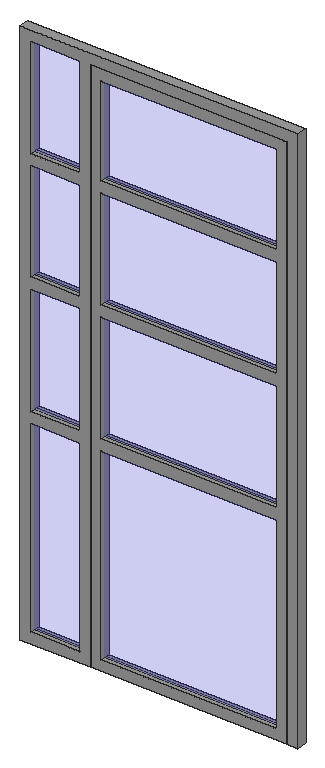
Revit family "DAL_A3-Aluminium-door-Single-with-sidelight", category Doors, host Wall, Revit 2016
Family settings
  Host = Wall
  Always vertical = Yes
  Cut with Voids When Loaded = No
  Shared = No
  Room Calculation Point = No
Parameters (values of type "Aluminium door - Single with sidelight")
  Function = Interior
  Frame Projection Ext. = 25 mm
  Frame Projection Int. = 25 mm
  Frame Width = 75 mm
  Height = 2380 mm
  Wall Closure = By host
  Width = 1200 mm
  Assembly Code = ""
Reference planes
  plane 1: y = 0
  plane 2 "Center (Left/Right)": x = 0
  plane 3 "Left": x = -600
  plane 4 "Right": x = 600
  plane 5: z = 2380
  plane 6 "Exterior": y = 75
  plane 7 "Interior": y = -75
  plane 8 "Glass ref": y = 5
  plane 9 "Frame ref": y = 22.5
Forms (mm)
  Extrusion 1, solid, material "Default"
    sketch origin (0, 22.5, 0) x (-1, 0, 0) y (0, 0, 1)
      loop
        line (-600, 2380) -> (-600, 0) -> (-555, 0) -> (-555, 2335) -> (295, 2335) -> (295, 0) -> (600, 0) -> (600, 2380) -> (-600, 2380)
      loop
        line (555, 2335) -> (340, 2335) -> (340, 1900) -> (555, 1900) -> (555, 2335)
      loop
        line (340, 45) -> (555, 45) -> (555, 855) -> (340, 855) -> (340, 45)
      loop
        line (340, 1855) -> (340, 1420) -> (555, 1420) -> (555, 1855) -> (340, 1855)
      loop
        line (340, 900) -> (555, 900) -> (555, 1375) -> (340, 1375) -> (340, 900)
    from 0 to -45
  Extrusion 2, solid, material "Default"
    sketch origin (0, 22.5, 0) x (-1, 0, 0) y (0, 0, 1)
      loop
        line (-555, 2335) -> (-555, 0) -> (295, 0) -> (295, 2335) -> (-555, 2335)
      loop
        line (-510, 2290) -> (-510, 1900) -> (250, 1900) -> (250, 2290) -> (-510, 2290)
      loop
        line (-510, 45) -> (250, 45) -> (250, 855) -> (-510, 855) -> (-510, 45)
      loop
        line (250, 1855) -> (-510, 1855) -> (-510, 1420) -> (250, 1420) -> (250, 1855)
      loop
        line (250, 1375) -> (-510, 1375) -> (-510, 900) -> (250, 900) -> (250, 1375)
    from 0 to -45
  Extrusion 3, solid, material "Glass"
    sketch origin (0, 5, 0) x (-1, 0, 0) y (0, 0, 1)
      loop
        line (-510, 2290) -> (-510, 1900) -> (250, 1900) -> (250, 2290) -> (-510, 2290)
      loop
        line (-510, 1855) -> (-510, 1420) -> (250, 1420) -> (250, 1855) -> (-510, 1855)
      loop
        line (-510, 1375) -> (-510, 900) -> (250, 900) -> (250, 1375) -> (-510, 1375)
      loop
        line (-510, 855) -> (-510, 45) -> (250, 45) -> (250, 855) -> (-510, 855)
    from 0 to -10
  Extrusion 4, solid, material "Glass"
    sketch origin (0, 5, 0) x (-1, 0, 0) y (0, 0, 1)
      loop
        line (340, 2335) -> (340, 1900) -> (555, 1900) -> (555, 2335) -> (340, 2335)
      loop
        line (340, 1855) -> (340, 1420) -> (555, 1420) -> (555, 1855) -> (340, 1855)
      loop
        line (340, 1375) -> (340, 900) -> (555, 900) -> (555, 1375) -> (340, 1375)
      loop
        line (340, 855) -> (340, 45) -> (555, 45) -> (555, 855) -> (340, 855)
    from 0 to -10
Lines and regions (mm)
  Opening 1
    outline origin (-3050, -75, 0) x (1, 0, 0) y (0, 0, 1)
      loop
        line (2450, 0) -> (3650, 0) -> (3650, 2380) -> (2450, 2380) -> (2450, 0)
  symbolic lines, style "Elevation Swing"
    curve 1: line (555, 5, 2335) -> (-295, 5, 1167.5)
    curve 2: line (-295, 5, 1167.5) -> (555, 5, 0)
  symbolic lines, style "Plan Swing"
    curve 3: line (555, 22.5, 0) -> (510, 22.5, 0)
    curve 4: line (555, 871.308, 0) -> (555, 22.5, 0)
    curve 5: line (510, 871.308, 0) -> (555, 871.308, 0)
    curve 6: line (510, 22.5, 0) -> (510, 871.308, 0)
    curve 7: arc (-295, 22.5, 0) -> (-61.745, 607.415, 0) -> (510, 871.308, 0) r 850
Text (mm)
  text "Exterior" at (-2295.016, 1099.543, 0), in view "Ref. Level"
  text "Exterior" at (0, 1615.38, 3698.081), in view "Left"
  text "Exterior" at (0, 1036.032, 3874.932), in view "Right"
Dimensions and locks
  equal spacing: plane 3 "Left", plane 2 "Center (Left/Right)", plane 4 "Right"
  "Width": plane 3 "Left" to plane 4 "Right"
  "Height": plane 5 to host wall
  host wall to plane 5 = 2380 mm  (x2)
  locked: plane 6 "Exterior" to host wall at 0
  locked: plane 7 "Interior" to host wall
  aligned and locked: plane 3 "Left" to Opening 1 sketch curve
  aligned and locked: plane 5 to Opening 1 sketch curve  (x2)
  aligned and locked: Opening 1 sketch curve to plane 4 "Right"
  aligned and locked: Opening 1 sketch curve to level
  aligned and locked: plane 1 to host wall
  aligned and locked: host wall to Extrusion 1 sketch curve
  aligned and locked: Extrusion 1 sketch curve to host wall  (x3)
  aligned and locked: Extrusion 2 to Extrusion 3 sketch curve  (x4)
  aligned and locked: Extrusion 3 sketch curve to Extrusion 2  (x12)
  aligned and locked: Extrusion 1 to Extrusion 4 sketch curve  (x4)
  aligned and locked: Extrusion 4 sketch curve to Extrusion 1  (x11)
Automatic sketch dimensions
  Extrusion 1 sketch curve to level = 0 mm
  plane 4 "Right" to Extrusion 1 sketch curve = 45 mm
  plane 5 to Extrusion 1 sketch curve = 45 mm
  Extrusion 1 sketch curve to plane 2 "Center (Left/Right)" = 295 mm
  Extrusion 1 sketch curve to plane 3 "Left" = 260 mm
  Extrusion 1 sketch curve to Extrusion 1 sketch curve = 0 mm  (x3)
  Extrusion 1 sketch curve to Extrusion 1 sketch curve = 45 mm  (x4)
  Extrusion 1 sketch curve to plane 3 "Left" = 45 mm  (x4)
  level to Extrusion 1 sketch curve = 45 mm
  Extrusion 1 sketch curve to Extrusion 1 sketch curve = 810 mm
  Extrusion 1 sketch curve to Extrusion 1 sketch curve = 475 mm
  Extrusion 1 sketch curve to Extrusion 1 sketch curve = 435 mm
  Extrusion 2 sketch curve to level = 0 mm
  plane 4 "Right" to Extrusion 2 sketch curve = 45 mm
  level to Extrusion 2 sketch curve = 45 mm
  Extrusion 2 sketch curve to Extrusion 2 sketch curve = 45 mm  (x5)
  Extrusion 2 sketch curve to Extrusion 2 sketch curve = 0 mm  (x5)
  Extrusion 2 sketch curve to Extrusion 2 sketch curve = 810 mm
  Extrusion 2 sketch curve to Extrusion 2 sketch curve = 475 mm
  Extrusion 2 sketch curve to Extrusion 2 sketch curve = 435 mm
  plane 5 to Extrusion 2 sketch curve = 90 mm
  plane 5 to Extrusion 2 sketch curve = 45 mm
  plane 4 "Right" to Extrusion 2 sketch curve = 90 mm
  Extrusion 2 sketch curve to plane 2 "Center (Left/Right)" = 250 mm
  level to Extrusion 4 sketch curve = 45 mm
  curve 2 to level = 0 mm
  plane 4 "Right" to curve 2 = 45 mm
  plane 4 "Right" to curve 1 = 45 mm
  curve 2 to plane 2 "Center (Left/Right)" = 295 mm
  level to curve 2 = 1167.5 mm
  plane 5 to curve 1 = 45 mm
  curve 7 to plane 9 "Frame ref" = 0 mm
  curve 3 to plane 9 "Frame ref" = 0 mm
  curve 7 to plane 2 "Center (Left/Right)" = 295 mm
  plane 4 "Right" to curve 3 = 90 mm
  curve 5 to curve 4 = 45 mm
  curve 7 to curve 3 = 0 mm
